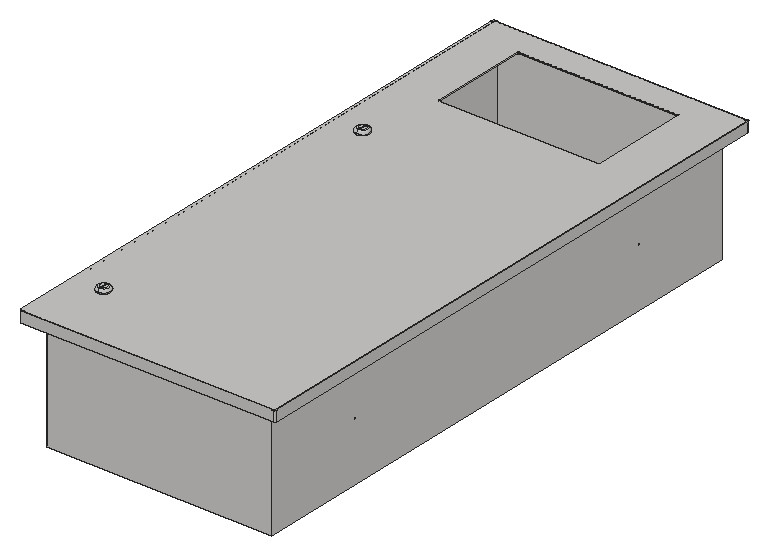
Revit family "xWaste_Receptacle-Bobrick-TrimLineSeries-B-35643", category Specialty Equipment, host Face, Revit 2014
Parameters (values of type "B-35643")
  Width = 17 5/16"
  Warranty Information = "1 Year Limited Warranty"
  URL = "http://bobrick.com/"
  Type Comments = ""
  Specification = "Recessed waste receptacle shall be Type-304 stainless steel with all-welded construction; exposed surfaces shall have satin fi nish. Door shall be Type-304, 18 gauge (1.2mm) secured to cabinet with a concealed, full-length stainless steel piano-hinge, cable door-swing limiter and equipped with two tumbler locks keyed like other Bobrick washroom accessories. Waste receptacle shall be furnished with a removable, leak-proof, rigid molded plastic waste-container with a minimum capacity of 12-gal. (45.4-L)."
  Product Page URL = "http://bobrick.com/washroomaccessories/Pages/ProductDetails.aspx?Product+Number=B-35643"
  Product Documentation Link = "http://bobrick.com/Documents/B-35643_td.pdf"
  Price = "Prices may vary. Please consult Manufacturer Representative for most up-to-date price list."  # constant formula
  Model = "B-35643"
  Material = "Stainless Steel-Bobrick-Type 304-Satin"
  Manufacturer = "Bobrick Washroom Equipment, Inc."
  Length = 8 3/8"
  Installation Type = "Recessed"
  Height = 40 1/16"
  Description = "TrimLineSeries™ Recessed Waste Receptacle"
  Default Elevation = 48"
  Creation Date = "05/31/2017"
  Assembly Code = "E1090900"
  ADA Compliant = yes
Reference planes (in)
  plane 1 "Center (Front/Back)": y = 0
  plane 2: z = 0
  plane 3 "Center (Left/Right)": x = 0
  plane 4: x = -8.65625
  plane 5: x = 8.65625
  plane 6: y = -38.0625
  plane 7: y = -19.03125
  plane 8: y = 1
  plane 9: y = -39.0625
  plane 10: z = 7.5
  plane 11: z = -7.625
  plane 12: z = 0.75
  plane 13: x = -7.625
  plane 14: x = 7.625
  plane 15: y = -31.0625
  plane 16: y = -7.0625
  plane 17: z = -3.625
Forms (in)
  Sweep 1, solid, material "Stainless Steel-Bobrick-Type 304-Satin"
    path origin (9.889329, 33.1857031, 0) x (1, 0, 0) y (0, 1, 0)
      loop
        arc (-18.420579, -32.1857031) -> (-18.5089674, -32.2223147) -> (-18.545579, -32.3107031) r 0.125
        line (-18.545579, -32.3107031) -> (-18.545579, -72.1232031)
        arc (-18.545579, -72.1232031) -> (-18.5089674, -72.2115914) -> (-18.420579, -72.2482031) r 0.125
        line (-18.420579, -72.2482031) -> (-1.358079, -72.2482031)
        arc (-1.358079, -72.2482031) -> (-1.2696907, -72.2115914) -> (-1.233079, -72.1232031) r 0.125
        line (-1.233079, -72.1232031) -> (-1.233079, -32.3107031)
        arc (-1.233079, -32.3107031) -> (-1.2696907, -32.2223147) -> (-1.358079, -32.1857031) r 0.125
        line (-1.358079, -32.1857031) -> (-18.420579, -32.1857031)
    profile origin (0, 1, 0) x (0, 1, 0) y (0, 0, 1)
      loop
        line (0, 0) -> (0, 0.71875)
        arc (0, 0.71875) -> (-0.0091529, 0.7408471) -> (-0.03125, 0.75) r 0.03125
        line (-0.03125, 0.75) -> (-0.1239106, 0.75) -> (-0.1239106, 0) -> (0, 0)
  Extrusion 2, solid, material "Stainless Steel-Bobrick-Type 304-Satin"
    sketch origin (0, 0, 0) x (1, 0, 0) y (0, 1, 0)
      loop
        line (-7.625, -38.0625) -> (7.625, -38.0625) -> (7.625, 0) -> (-7.625, 0) -> (-7.625, -38.0625)
      loop
        line (7.59375, -0.03125) -> (-7.59375, -0.03125) -> (-7.59375, -38.03125) -> (7.59375, -38.03125) -> (7.59375, -0.03125)
    from -7.625 to 0.625
  Extrusion 3, solid, material "Stainless Steel-Bobrick-Type 304-Satin"
    sketch origin (0, 0, 0) x (1, 0, 0) y (0, 1, 0)
      loop
        line (-7.625, 0) -> (-7.625, -38.0625) -> (7.625, -38.0625) -> (7.625, 0) -> (-7.625, 0)
    from -7.625 to -7.5625
  Extrusion 4, solid, material "Stainless Steel-Bobrick-Type 304-Satin"
    sketch origin (0, 0, 0.6875) x (1, 0, 0) y (0, 1, 0)
      loop
        line (-8.5323394, 0.8760894) -> (-8.5323394, -38.9385894) -> (8.5323394, -38.9385894) -> (8.5323394, 0.8760894) -> (-8.5323394, 0.8760894)
      loop
        arc (5.46875, -1.0219589) -> (5.4321383, -0.9335706) -> (5.34375, -0.8969589) r 0.125
        line (5.34375, -0.8969589) -> (-5.34375, -0.8969589)
        arc (-5.34375, -0.8969589) -> (-5.4321383, -0.9335706) -> (-5.46875, -1.0219589) r 0.125
        line (-5.46875, -1.0219589) -> (-5.46875, -7.5219589)
        arc (-5.46875, -7.5219589) -> (-5.4321383, -7.6103473) -> (-5.34375, -7.6469589) r 0.125
        line (-5.34375, -7.6469589) -> (5.34375, -7.6469589)
        arc (5.34375, -7.6469589) -> (5.4321383, -7.6103473) -> (5.46875, -7.5219589) r 0.125
        line (5.46875, -7.5219589) -> (5.46875, -1.0219589)
    from 0 to 0.0625
  Extrusion 5, void
    sketch origin (0, 0, 0) x (0, 1, 0) y (0, 0, 1)
      loop
        circle (-31.0625, -3.625) r 0.109375
      loop
        circle (-7.0625, -3.625) r 0.109375
    from -7.625 to 7.625
  Revolve 6, solid, material "Stainless Steel-Bobrick-Type 304-Satin"
    sketch origin (-6.53125, -33.2666903, -3.3951418) x (0, 1, 0) y (0, 0, 1)
      loop
        line (-1.3145356, 4.1451418) -> (-0.893425, 4.1451418)
        arc (-0.893425, 4.1451418) -> (-0.8674553, 4.1568804) -> (-0.8591088, 4.1841303) r 0.0345962
        arc (-0.8591088, 4.1841303) -> (-0.9066456, 4.2999766) -> (-1.0057813, 4.3764766) r 0.2416453
        arc (-1.0057813, 4.3764766) -> (-1.0173947, 4.3900665) -> (-1.0345353, 4.395142) r 0.0314803
        line (-1.0345353, 4.395142) -> (-1.3145356, 4.395142) -> (-1.3145356, 4.1451418)
      axis (-1.3145356, 4.1451418) -> (-1.3145356, 4.395142)
    angle from 0 to 360
  Extrusion 7, void
    sketch origin (-33.53075, -33.2955751, -3.891212) x (1, 0, 0) y (0, 1, 0)
      loop
        line (27.0405, -1.0745353) -> (26.9585, -1.0745353) -> (26.9585, -1.4155303) -> (26.9585, -1.4645353) -> (27.0405, -1.4645353) -> (27.0405, -1.4090765) -> (27.0405, -1.0745353)
      loop
        line (26.983875, -1.1057853) -> (26.983875, -1.4332853) -> (27.015125, -1.4332853) -> (27.015125, -1.1057853) -> (26.983875, -1.1057853)
    from 4.8725468 to 4.891212
  Revolve 8, solid, material "Stainless Steel-Bobrick-Type 304-Satin"
    sketch origin (-6.53125, -11.3916903, -3.3951418) x (0, 1, 0) y (0, 0, 1)
      loop
        line (-1.3145356, 4.1451418) -> (-0.893425, 4.1451418)
        arc (-0.893425, 4.1451418) -> (-0.8674553, 4.1568804) -> (-0.8591088, 4.1841303) r 0.0345962
        arc (-0.8591088, 4.1841303) -> (-0.9066456, 4.2999766) -> (-1.0057813, 4.3764766) r 0.2416453
        arc (-1.0057813, 4.3764766) -> (-1.0173947, 4.3900665) -> (-1.0345353, 4.395142) r 0.0314803
        line (-1.0345353, 4.395142) -> (-1.3145356, 4.395142) -> (-1.3145356, 4.1451418)
      axis (-1.3145356, 4.1451418) -> (-1.3145356, 4.395142)
    angle from 0 to 360
  Extrusion 9, void
    sketch origin (-33.53075, -11.4205751, -3.891212) x (1, 0, 0) y (0, 1, 0)
      loop
        line (27.0405, -1.0745353) -> (26.9585, -1.0745353) -> (26.9585, -1.4155303) -> (26.9585, -1.4645353) -> (27.0405, -1.4645353) -> (27.0405, -1.4090765) -> (27.0405, -1.0745353)
      loop
        line (26.983875, -1.1057853) -> (26.983875, -1.4332853) -> (27.015125, -1.4332853) -> (27.015125, -1.1057853) -> (26.983875, -1.1057853)
    from 4.8725468 to 4.891212
  Extrusion 10, void
    sketch origin (0, 0, 0) x (1, 0, 0) y (0, 1, 0)
      loop
        line (-7.75, 0.125) -> (-7.75, -38.1875) -> (7.75, -38.1875) -> (7.75, 0.125) -> (-7.75, 0.125)
    from -7.713808 to 0
Cuts and joins
  Extrusion 5 cuts Sweep 1
  Extrusion 5 cuts Extrusion 2
  Extrusion 5 cuts Extrusion 3
  Extrusion 5 cuts Extrusion 4
  Extrusion 7 cuts Revolve 6
  Extrusion 9 cuts Revolve 8
  joined: Sweep 1, Extrusion 2, Extrusion 3, Extrusion 4, Revolve 6, Revolve 8
Lines and regions (in)
  Masking region 1
    outline origin (0, 0, 1.3213399) x (1, 0, 0) y (0, 0, 1)
      loop
        line (-8.65625, -1.3213399) -> (-7.625, -1.3213399) -> (-7.625, -8.9463399) -> (7.625, -8.9463399) -> (7.625, -1.3213399) -> (8.65625, -1.3213399) -> (8.65625, -0.6033399)
        arc (8.65625, -0.6033399) -> (8.6468774, -0.5807125) -> (8.62425, -0.5713399) r 0.032
        line (8.62425, -0.5713399) -> (-6.1101395, -0.5713399)
        arc (-6.1101395, -0.5713399) -> (-6.0841697, -0.5596014) -> (-6.0758232, -0.5323515) r 0.0345962
        arc (-6.0758232, -0.5323515) -> (-6.12336, -0.4165051) -> (-6.2224957, -0.3400052) r 0.2416453
        arc (-6.2224957, -0.3400052) -> (-6.2341092, -0.3264152) -> (-6.2512497, -0.3213397) r 0.0314803
        line (-6.2512497, -0.3213397) -> (-6.8112503, -0.3213397)
        arc (-6.8112503, -0.3213397) -> (-6.8283908, -0.3264152) -> (-6.8400043, -0.3400052) r 0.0314803
        arc (-6.8400043, -0.3400052) -> (-6.93914, -0.4165051) -> (-6.9866768, -0.5323515) r 0.2416453
        arc (-6.9866768, -0.5323515) -> (-6.9783303, -0.5596014) -> (-6.9523605, -0.5713399) r 0.0345962
        line (-6.9523605, -0.5713399) -> (-8.62425, -0.5713399)
        arc (-8.62425, -0.5713399) -> (-8.6468774, -0.5807125) -> (-8.65625, -0.6033399) r 0.032
        line (-8.65625, -0.6033399) -> (-8.65625, -1.3213399)
  symbolic lines, detail levels fine
    curve 1: line (-6.2224957, 0, 0.9813348) -> (-6.8400043, 0, 0.9813348)
  symbolic lines, detail levels medium+fine
    curve 2: line (-6.1101395, 0, 0.75) -> (-6.9523605, 0, 0.75)
    curve 3: line (7.625, 0, 0) -> (-7.625, 0, 0)
Dimensions and locks (in)
  plane 16 to plane 15 = 24"
  plane 15 to plane 6 = 7"
  "Width": plane 4 to plane 5
  "Height": plane 9 to plane 8
  "Length": plane 11 to plane 12
  aligned and locked: plane 2 to host face
  aligned and locked: level to host face
  aligned and locked: plane 11 to Extrusion 3
  aligned and locked: plane 11 to Extrusion 2
  aligned and locked: level to Extrusion 10
Automatic sketch dimensions
  host sketch curve to host sketch curve = 96"  (x2)
  Sweep 1 sketch curve to plane 4 = 0"
  plane 9 to Sweep 1 sketch curve = 0"
  plane 8 to Sweep 1 sketch curve = 0"
  Sweep 1 sketch curve to plane 5 = 0"
  plane 4 to Sweep 1 sketch curve = 1/8"  (x2)
  Sweep 1 sketch curve to plane 5 = 1/8"  (x2)
  Sweep 1 sketch curve to profile plane = 0"  (x2)
  profile plane to Sweep 1 sketch curve = 1/32"
  profile plane to Sweep 1 sketch curve = 0.12391"
  profile plane to Sweep 1 sketch curve = 23/32"
  plane 1 "Center (Front/Back)" to Extrusion 2 sketch curve = 0"
  Extrusion 2 sketch curve to plane 13 = 0"
  Extrusion 2 sketch curve to plane 14 = 0"
  plane 6 to Extrusion 2 sketch curve = 0"
  plane 13 to Extrusion 2 sketch curve = 1/32"
  Extrusion 2 sketch curve to plane 14 = 1/32"
  Extrusion 2 sketch curve to plane 6 = 1/32"
  plane 1 "Center (Front/Back)" to Extrusion 2 sketch curve = 1/32"
  plane 6 to Extrusion 3 sketch curve = 0"
  plane 1 "Center (Front/Back)" to Extrusion 3 sketch curve = 0"
  plane 4 to Extrusion 3 sketch curve = 1 1/32"
  Extrusion 3 sketch curve to plane 5 = 1 1/32"
  plane 4 to Extrusion 4 sketch curve = 0.12391"
  plane 1 "Center (Front/Back)" to Extrusion 4 sketch curve = 1.02196"
  plane 4 to Extrusion 4 sketch curve = 3 3/16"
  Extrusion 4 sketch curve to Extrusion 4 sketch curve = 1/8"  (x3)
  plane 16 to Extrusion 4 sketch curve = 0.58446"
  Extrusion 4 sketch curve to plane 5 = 3 5/16"  (x2)
  Extrusion 4 sketch curve to plane 5 = 0.12391"
  Extrusion 4 sketch curve to plane 9 = 0.12391"
  plane 8 to Extrusion 4 sketch curve = 0.12391"
  Extrusion 5 sketch curve to plane 15 = 0"
  Extrusion 5 sketch curve to plane 16 = 0"
  plane 17 to Extrusion 5 sketch curve = 0"  (x2)
  plane 12 to Revolve 6 sketch curve = 0"
  Revolve 6 sketch curve to plane 6 = 3.48127"
  Revolve 6 sketch curve to plane 12 = 0.00831"
  Revolve 6 sketch curve to Revolve 6 sketch curve = 0.21574"
  Revolve 6 sketch curve to Revolve 6 sketch curve = 0.06426"
  Revolve 6 sketch curve to Revolve 6 sketch curve = 0.20537"
  Revolve 6 sketch curve to Revolve 6 sketch curve = 0.0346"
  Revolve 6 sketch curve to plane 12 = 0.21852"
  Revolve 6 sketch curve to Revolve 6 sketch curve = 1/4"
  Revolve 6 sketch curve to Revolve 6 sketch curve = 0"  (x2)
  Revolve 6 sketch curve to Revolve 6 sketch curve = 0.02875"
  Revolve 6 sketch curve to Revolve 6 sketch curve = 0.11448"
  plane 4 to Extrusion 7 sketch curve = 2.084"
  Extrusion 7 sketch curve to Extrusion 7 sketch curve = 0.02538"  (x2)
  Extrusion 7 sketch curve to Extrusion 7 sketch curve = 1/32"  (x3)
  Extrusion 7 sketch curve to plane 6 = 3.30239"
  Extrusion 7 sketch curve to Extrusion 7 sketch curve = 0.01775"
  Extrusion 7 sketch curve to Extrusion 7 sketch curve = 0.02421"
  Extrusion 7 sketch curve to Extrusion 7 sketch curve = 0.30329"
  plane 12 to Revolve 8 sketch curve = 0"
  plane 16 to Revolve 8 sketch curve = 5.64373"
  Revolve 8 sketch curve to plane 12 = 0.00831"
  Revolve 8 sketch curve to Revolve 8 sketch curve = 0.21574"
  Revolve 8 sketch curve to Revolve 8 sketch curve = 0.06426"
  Revolve 8 sketch curve to Revolve 8 sketch curve = 0.20537"
  Revolve 8 sketch curve to Revolve 8 sketch curve = 0.0346"
  Revolve 8 sketch curve to plane 12 = 0.21852"
  Revolve 8 sketch curve to Revolve 8 sketch curve = 1/4"
  Revolve 8 sketch curve to Revolve 8 sketch curve = 0"  (x2)
  Revolve 8 sketch curve to Revolve 8 sketch curve = 0.02875"
  Revolve 8 sketch curve to Revolve 8 sketch curve = 0.11448"
  plane 4 to Extrusion 9 sketch curve = 2.084"
  Extrusion 9 sketch curve to Extrusion 9 sketch curve = 0.02538"  (x2)
  Extrusion 9 sketch curve to Extrusion 9 sketch curve = 1/32"  (x3)
  plane 16 to Extrusion 9 sketch curve = 5.82261"
  Extrusion 9 sketch curve to Extrusion 9 sketch curve = 0.01775"
  Extrusion 9 sketch curve to Extrusion 9 sketch curve = 0.02421"
  Extrusion 9 sketch curve to Extrusion 9 sketch curve = 0.30329"
  plane 6 to Extrusion 10 sketch curve = 1/8"
  plane 4 to Extrusion 10 sketch curve = 29/32"
  Extrusion 10 sketch curve to plane 5 = 29/32"
  Extrusion 10 sketch curve to plane 1 "Center (Front/Back)" = 1/8"
  curve 3 to level = 0"
  curve 2 to plane 12 = 0"
  plane 4 to curve 3 = 1 1/32"
  curve 3 to curve 2 = 0.67264"
  curve 2 to curve 1 = 0.11236"
  curve 1 to plane 12 = 0.23133"
  curve 1 to curve 1 = 0.61751"
  curve 1 to curve 2 = 0.11236"
  curve 3 to plane 5 = 1 1/32"
  Masking region 1 sketch curve to level = 0"  (x2)
  Masking region 1 sketch curve to plane 4 = 0"
  Masking region 1 sketch curve to plane 12 = 0"  (x4)
  Masking region 1 sketch curve to plane 11 = 0"
  Masking region 1 sketch curve to plane 5 = 0"
  Masking region 1 sketch curve to Masking region 1 sketch curve = 0.032"
  plane 4 to Masking region 1 sketch curve = 1 1/32"
  Masking region 1 sketch curve to plane 12 = 0.0346"  (x2)
  Masking region 1 sketch curve to Masking region 1 sketch curve = 0.67264"
  Masking region 1 sketch curve to Masking region 1 sketch curve = 0.14111"
  Masking region 1 sketch curve to plane 12 = 0.00831"  (x2)
  Masking region 1 sketch curve to Masking region 1 sketch curve = 0.20537"  (x2)
  Masking region 1 sketch curve to Masking region 1 sketch curve = 0.43147"
  Masking region 1 sketch curve to Masking region 1 sketch curve = 0.06426"
  Masking region 1 sketch curve to plane 5 = 1 1/32"
  Masking region 1 sketch curve to plane 5 = 0.032"
  Masking region 1 sketch curve to plane 12 = 0.21852"  (x2)
  Masking region 1 sketch curve to Masking region 1 sketch curve = 0.03148"
  Masking region 1 sketch curve to Masking region 1 sketch curve = 0"  (x3)
  Masking region 1 sketch curve to Masking region 1 sketch curve = 0.02875"
  radius of Extrusion 5 sketch curve = 7/64"  (x2)
